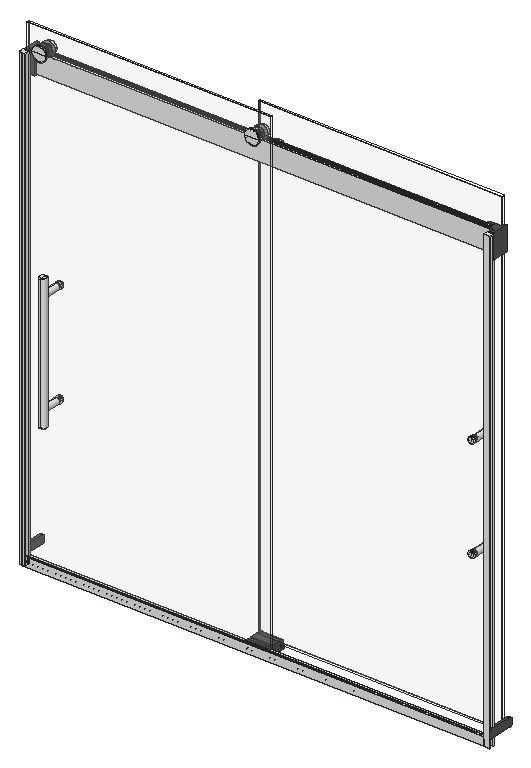
Revit family "Shower-Shower_Door-KOHLER-Levity_Plus-K-702425_1", category Specialty Equipment, host Face, Revit 2022
Family settings
  Host = Face
  Round Connector Dimension = Use Diameter
  Part Type = Normal
  OmniClass Number = 23.31.17.17
  OmniClass Title = Shower Enclosures
  Cut with Voids When Loaded = No
  Maintain Annotation Orientation = No
  Shared = No
  Room Calculation Point = No
Parameters (values of type "SHP-Bright Polished Silver")
  Width [instance] = Walk Thru + 199/256" + 31 81/256"  # 59.61344"
  WaterSense Certified = 1 = 0  # no
  Walk Thru [instance] = 27.51969"
  URL = "https://www.us.kohler.com/us/"
  Type = 1
  Product Page URL = "http://www.us.kohler.com/us/catalog/productDetails.jsp?productId=702425-L"
  Product Name = "Levity Plus"  # constant formula
  Product Documentation Link = "https://www.us.kohler.com/webassets/kpna/catalog/pdf/en/K-702425-L_spec_US-CA_Kohler_en.pdf"
  Model = if(Type = 1, "K-702425-L-SHP", if(Type = 2, "K-702425-L-BNK", if(Type = 3, "K-702425-L-BL", if(Type = 4, "K-702425-L-2MB", "NA"))))  # "K-702425-L-SHP"
  Material = "Premium Metal Construction"  # constant formula
  Master Format 2014 Name = "Shower Doors"  # constant formula
  Master Format 2014 = "10 28 19.16"  # constant formula
  Manufacturer Address = "444 Highland Dr, Kohler, WI 53044"  # constant formula
  Manufacturer = "KOHLER Co."  # constant formula
  Length = 7 11/128"  # constant formula
  Height = 61 147/256"  # constant formula
  Finish = Kohler-Metal-SHP-Bright_Polished_Silver
  Environmental Product Declaration = ""
  Description = "3/8 BATH DOOR 62 X 59 5/8 HANDLE"  # constant formula
  Default Elevation = 4"
  Declare Label = ""
  Date Modified = "03/23/2022"  # constant formula
  Date Created = "03/23/2022"  # constant formula
  Copyright = "Copyright KOHLER Co."  # constant formula
  Contact Us = "https://www.us.kohler.com/us/static/contact.jsp"
  Assembly Code = "C1030200"
  ADA Compliant = 1 = 0  # no
Reference planes (in)
  plane 1 "Center (Front/Back)": y = 0
  plane 2: z = 0
  plane 3 "Center (Left/Right)": x = 0
  plane 4: x = 27.51969
  plane 5: x = 28.29683
  plane 6: x = 27.95637
  plane 7: x = 25.98047
  plane 8: z = 61.57422
  plane 9: z = 58.11024
  plane 10: z = 55.55118
  plane 11: z = 58.7811
  plane 12: x = -1.99865
  plane 13: x = -28.99865
  plane 14: x = -27.24865
  plane 15: z = 34.72441
  plane 16: z = 17.71654
  plane 17: z = 19.6983
  plane 18: z = 32.6983
  plane 19: x = 24.23047
  plane 20: x = -31.3166
  plane 21: x = -0.98122
  plane 22: y = -0.5592
  plane 23: y = 4.42112
  plane 24: y = 3.99592
  plane 25: y = -2.23242
  plane 26: y = -2.66482
Dimensions and locks (in)
  "Walk Thru": plane 4 to plane 3 "Center (Left/Right)"
  "Width": plane 20 to plane 5
  locked: plane 6 to plane 5 at 0.34046
  locked: plane 4 to plane 5 at 0.77715
  locked: plane 7 to plane 5 at 2.31636
  locked: plane 19 to plane 5 at 4.06636
  plane 16 to level = 17.71654"
  plane 15 to plane 16 = 17.00787"
  "Height": plane 8 to level
  "Length": plane 26 to plane 23
  plane 10 to level = 55.55118"
  plane 9 to plane 10 = 2.55906"
  plane 8 to plane 9 = 3.46398"
  aligned and locked: plane 2 to host face
  aligned and locked: level to host face
  aligned and locked: plane 3 "Center (Left/Right)" to nested 1
  aligned and locked: plane 4 to nested 1
Automatic sketch dimensions
  host sketch curve to host sketch curve = 96"  (x2)
Nested families (in)
  nested 1: "K-702425" at (0, -0.5592, 0), type "K-702425"
    with Width 59.61024", Walk Thru 27.51969"
Definition of nested family "K-702425"
  Parameters (values of type "K-702425")
    Width = Walk Thru + 0.77559" + 31.31496"  # 54.9252"
    Walk Thru = 22.83465"
    Material = none
    Default Elevation = 0"
  Reference planes (in)
    plane 1 "Center (Front/Back)": y = 0
    plane 2: z = 0
    plane 3 "Center (Left/Right)": x = 0
    plane 4: z = 61.5748
    plane 5: z = 17.71654
    plane 6: z = 34.72441
    plane 7: x = -31.3134
    plane 8: x = 22.83465
    plane 9: x = 23.61179
    plane 10 "E": x = 19.54543
    plane 11 "B": x = -27.24865
    plane 12: z = 55.55118
    plane 13: z = 58.11024
    plane 14 "A": z = 58.7811
    plane 15: x = -28.99865
    plane 16: x = -1.99865
    plane 17: z = 19.6983
    plane 18: z = 32.6983
    plane 19: y = -1.67323
    plane 20 "C": x = 21.29543
    plane 21 "X": z = 56.63127
    plane 22 "D": x = -5.70516
    plane 23: x = 23.27133
    plane 24: y = 4.98031
    plane 25: y = -2.1063
    plane 26: y = 4.55512
  Forms (in)
    Extrusion 1, solid
      sketch origin (0, 0, 0) x (1, 0, 0) y (0, 1, 0)
        loop
          line (-31.3134, 2.37158) -> (-31.3134, 0.38563)
          arc (-31.3134, 0.38563) -> (-31.30418, 0.36336) -> (-31.28191, 0.35413) r 0.0315
          line (-31.28191, 0.35413) -> (-31.02523, 0.35413)
          arc (-31.02523, 0.35413) -> (-31.00295, 0.36336) -> (-30.99373, 0.38563) r 0.0315
          line (-30.99373, 0.38563) -> (-30.99373, 0.85734)
          arc (-30.99373, 0.85734) -> (-30.9845, 0.87961) -> (-30.96223, 0.88884) r 0.0315
          line (-30.96223, 0.88884) -> (-30.36006, 0.88884)
          arc (-30.36006, 0.88884) -> (-30.33857, 0.89774) -> (-30.32966, 0.91923) r 0.03039
          line (-30.32966, 0.91923) -> (-30.32966, 2.02115) -> (-30.99701, 2.02858) -> (-30.99701, 2.37088)
          arc (-30.99701, 2.37088) -> (-31.00624, 2.39315) -> (-31.02851, 2.40237) r 0.0315
          line (-31.02851, 2.40237) -> (-31.28261, 2.40237)
          arc (-31.28261, 2.40237) -> (-31.30439, 2.39336) -> (-31.3134, 2.37158) r 0.03079
      from 55.35616 to 58.33005
    Extrusion 2, solid, material <- "Material", detail levels medium+fine
      sketch origin (0, 0, 0) x (1, 0, 0) y (0, 1, 0)
        loop
          line (-30.99165, 0.20982) -> (-30.99165, -0.20982) -> (-30.79705, -0.20982) -> (-30.79705, -0.27247) -> (-31.25589, -0.27247) -> (-31.25589, -0.30702) -> (-30.6559, -0.32797)
          arc (-30.6559, -0.32797) -> (-30.58047, -0.29901) -> (-30.5489, -0.22464) r 0.10339
          line (-30.5489, -0.22464) -> (-30.5489, 0.22464)
          arc (-30.5489, 0.22464) -> (-30.58047, 0.29901) -> (-30.6559, 0.32797) r 0.10339
          line (-30.6559, 0.32797) -> (-31.25589, 0.30702) -> (-31.25589, 0.27247) -> (-30.79705, 0.27247) -> (-30.79705, 0.20982) -> (-30.99165, 0.20982)
        loop
          line (-31.3134, 0.20982) -> (-31.12433, 0.20982) -> (-31.12433, 0) -> (-31.12433, -0.20982) -> (-31.3134, -0.20982) -> (-31.3134, -0.25253) -> (-31.08302, -0.25253) -> (-31.08302, 0) -> (-31.08302, 0.25253) -> (-31.3134, 0.25253) -> (-31.3134, 0.20982)
      from 0.08036 to 58.29324
    Extrusion 3, solid, material <- "Material", detail levels medium+fine
      sketch origin (0, 0, 0) x (1, 0, 0) y (0, 1, 0)
        loop
          line (-30.6559, 0.32797) -> (-31.25589, 0.30702) -> (-31.25589, 0.25253) -> (-31.3134, 0.25253) -> (-31.3134, -0.25253) -> (-31.25589, -0.25253) -> (-31.25589, -0.30702) -> (-30.6559, -0.32797)
          arc (-30.6559, -0.32797) -> (-30.58047, -0.29901) -> (-30.5489, -0.22464) r 0.10339
          line (-30.5489, -0.22464) -> (-30.5489, 0.22464)
          arc (-30.5489, 0.22464) -> (-30.58047, 0.29901) -> (-30.6559, 0.32797) r 0.10339
      from 58.36655 to 58.29324
    Extrusion 4, solid
      sketch origin (0, 0, 0) x (0, 1, 0) y (0, 0, 1)
        loop
          line (2.917, 2.13263) -> (-0.20982, 2.13263) -> (-0.20982, 1.05663) -> (2.93672, 1.05663)
          arc (2.93672, 1.05663) -> (3.10579, 1.12666) -> (3.17581, 1.29573) r 0.23909
          line (3.17581, 1.29573) -> (3.17581, 1.87382)
          arc (3.17581, 1.87382) -> (3.10001, 2.05683) -> (2.917, 2.13263) r 0.25882
      from -30.99165 to -31.3134
    Extrusion 5, solid, material <- "Material"
      sketch origin (0, 0, 0) x (0, 1, 0) y (0, 0, 1)
        loop
          arc (0, 0.33997) -> (0.03474, 0.38326) -> (0.08453, 0.35871) r 0.04434
          line (0.08453, 0.35871) -> (0.11423, 0.29502)
          arc (0.11423, 0.29502) -> (0.14686, 0.27839) -> (0.17089, 0.30603) r 0.02975
          line (0.17089, 0.30603) -> (0.20017, 0.86474)
          arc (0.20017, 0.86474) -> (0.19197, 0.88698) -> (0.17019, 0.89634) r 0.03002
          line (0.17019, 0.89634) -> (0.02343, 0.89634)
          arc (0.02343, 0.89634) -> (-0.02199, 0.94176) -> (0.02343, 0.98718) r 0.04542
          line (0.02343, 0.98718) -> (0.19567, 0.98718)
          arc (0.19567, 0.98718) -> (0.19347, 1.02749) -> (0.15814, 1.04703) r 0.04169
          line (0.15814, 1.04703) -> (-0.19878, 1.04703) -> (-0.19878, 0) -> (0.49474, 0) -> (0.49474, 0.07959) -> (0.14319, 0.07959)
          arc (0.14319, 0.07959) -> (0.04194, 0.12153) -> (0, 0.22278) r 0.14319
          line (0, 0.22278) -> (0, 0.33997)
        loop
          line (0.53901, 0.96058) -> (0.10163, 0.96058)
          arc (0.10163, 0.96058) -> (0.08163, 0.94058) -> (0.10163, 0.92059) r 0.01999
          line (0.10163, 0.92059) -> (0.53901, 0.92059)
          arc (0.53901, 0.92059) -> (0.559, 0.94058) -> (0.53901, 0.96058) r 0.01999
      from -30.99165 to 22.83465
    Revolve 6, solid, material <- "Material", detail levels medium+fine
      sketch origin (27, 0, 58.7811) x (0, -1, 0) y (1, 0, 0)
        loop
          line (0.14044, -28.99865) -> (-1.79905, -28.99865) -> (-1.79905, -29.69269) -> (-1.43263, -29.69269) -> (-1.43263, -29.74488)
          arc (-1.43263, -29.74488) -> (-1.24562, -29.80339) -> (-1.05861, -29.74488) r 0.32812
          line (-1.05861, -29.74488) -> (-1.05861, -29.53477) -> (-0.92215, -29.53477) -> (-0.92215, -29.73162) -> (-0.7253, -29.73162) -> (-0.7253, -29.46245) -> (-0.36761, -29.46245) -> (-0.36761, -29.6593) -> (-0.06827, -29.6593) -> (-0.06827, -29.89414) -> (-0.02811, -29.93431) -> (0.09751, -29.93431) -> (0.14044, -29.89138) -> (0.14044, -28.99865)
        axis (0.14044, -28.99865) -> (-1.79905, -28.99865)
      angle from 0 to 360
    Revolve 7, solid, material <- "Material", detail levels medium+fine
      sketch origin (0, 0, 58.7811) x (0, -1, 0) y (1, 0, 0)
        loop
          line (0.14044, -28.99865) -> (-1.79905, -28.99865) -> (-1.79905, -29.69269) -> (-1.43263, -29.69269) -> (-1.43263, -29.74488)
          arc (-1.43263, -29.74488) -> (-1.24562, -29.80339) -> (-1.05861, -29.74488) r 0.32812
          line (-1.05861, -29.74488) -> (-1.05861, -29.53477) -> (-0.92215, -29.53477) -> (-0.92215, -29.73162) -> (-0.7253, -29.73162) -> (-0.7253, -29.46245) -> (-0.36761, -29.46245) -> (-0.36761, -29.6593) -> (-0.06827, -29.6593) -> (-0.06827, -29.89414) -> (-0.02811, -29.93431) -> (0.09751, -29.93431) -> (0.14044, -29.89138) -> (0.14044, -28.99865)
        axis (0.14044, -28.99865) -> (-1.79905, -28.99865)
      angle from 0 to 360
    Extrusion 8, solid, material <- "Material", detail levels medium+fine
      sketch origin (0, 0, 0) x (0, 1, 0) y (0, 0, 1)
        loop
          line (0.97838, 58.11024) -> (0.97838, 55.55118) -> (1.85747, 55.55118)
          arc (1.85747, 55.55118) -> (1.9, 55.5688) -> (1.91761, 55.61132) r 0.06014
          line (1.91761, 55.61132) -> (1.91761, 55.8826)
          arc (1.91761, 55.8826) -> (1.89894, 55.93897) -> (1.85029, 55.97303) r 0.0944
          line (1.85029, 55.97303) -> (1.85029, 55.89596) -> (1.65621, 55.79963) -> (1.38912, 55.92464) -> (1.38912, 57.53182)
          arc (1.38912, 57.53182) -> (1.41101, 57.58465) -> (1.46384, 57.60654) r 0.07472
          line (1.46384, 57.60654) -> (1.84605, 57.60654) -> (1.84605, 57.43287) -> (1.8957, 57.43287)
          arc (1.8957, 57.43287) -> (1.91735, 57.44184) -> (1.92632, 57.46349) r 0.03062
          line (1.92632, 57.46349) -> (1.92632, 58.05604)
          arc (1.92632, 58.05604) -> (1.91044, 58.09436) -> (1.87212, 58.11024) r 0.0542
          line (1.87212, 58.11024) -> (1.69975, 58.11024) -> (1.69975, 58.0262) -> (1.81407, 58.0262)
          arc (1.81407, 58.0262) -> (1.84489, 58.01343) -> (1.85765, 57.98261) r 0.04358
          line (1.85765, 57.98261) -> (1.85765, 57.82935) -> (1.31287, 57.82935) -> (1.31287, 57.89797) -> (1.44737, 57.95785) -> (1.44737, 58.00188)
          arc (1.44737, 58.00188) -> (1.43926, 58.01681) -> (1.42231, 58.01815) r 0.01781
          line (1.42231, 58.01815) -> (1.24538, 57.93937) -> (1.04592, 58.02818) -> (1.04592, 58.09041)
          arc (1.04592, 58.09041) -> (1.04011, 58.10443) -> (1.02609, 58.11024) r 0.01983
          line (1.02609, 58.11024) -> (0.97838, 58.11024)
      from -30.58824 to 22.83465
    Extrusion 9, solid
      sketch origin (0, 0, 58.7811) x (0, -1, 0) y (1, 0, 0)
        loop
          line (-0.712, -0.02757) -> (-0.712, -30.90257) -> (-0.6495, -30.96507) -> (-0.3945, -30.96507) -> (-0.332, -30.90257) -> (-0.332, -0.02757) -> (-0.3945, 0.03493) -> (-0.6495, 0.03493) -> (-0.712, -0.02757)
      from 2.7937 to -58.06096
    Extrusion 10, solid
      sketch origin (0, 0, 0) x (0, 1, 0) y (0, 0, 1)
        loop
          line (2.79395, 0) -> (2.73913, 1.04611)
          arc (2.73913, 1.04611) -> (2.73201, 1.06155) -> (2.71622, 1.06785) r 0.02294
          line (2.71622, 1.06785) -> (2.58256, 1.06785)
          arc (2.58256, 1.06785) -> (2.56781, 1.06181) -> (2.56152, 1.04717) r 0.02105
          line (2.56152, 1.04717) -> (2.54725, 0.22974)
          arc (2.54725, 0.22974) -> (2.52045, 0.16735) -> (2.45761, 0.14164) r 0.08966
          line (2.45761, 0.14164) -> (2.27292, 0.14164)
          arc (2.27292, 0.14164) -> (2.21358, 0.16532) -> (2.18684, 0.22333) r 0.0862
          line (2.18684, 0.22333) -> (2.14487, 1.02412)
          arc (2.14487, 1.02412) -> (2.13055, 1.05518) -> (2.09879, 1.06785) r 0.04614
          line (2.09879, 1.06785) -> (1.06637, 1.06785)
          arc (1.06637, 1.06785) -> (1.03461, 1.05518) -> (1.02029, 1.02412) r 0.04614
          line (1.02029, 1.02412) -> (0.97833, 0.22333)
          arc (0.97833, 0.22333) -> (0.95158, 0.16532) -> (0.89225, 0.14164) r 0.0862
          line (0.89225, 0.14164) -> (0.70755, 0.14164)
          arc (0.70755, 0.14164) -> (0.64471, 0.16735) -> (0.61791, 0.22974) r 0.08966
          line (0.61791, 0.22974) -> (0.60364, 1.04717)
          arc (0.60364, 1.04717) -> (0.59735, 1.06181) -> (0.5826, 1.06785) r 0.02105
          line (0.5826, 1.06785) -> (0.30693, 1.06785) -> (0.30693, 0.16201) -> (0.47604, 0.16201)
          arc (0.47604, 0.16201) -> (0.50033, 0.15195) -> (0.51039, 0.12766) r 0.03435
          line (0.51039, 0.12766) -> (0.51039, 0.08994)
          arc (0.51039, 0.08994) -> (0.52098, 0.06032) -> (0.54793, 0.04411) r 0.04675
          arc (0.54793, 0.04411) -> (0.76846, 0.01105) -> (0.99117, 0) r 2.24921
          line (0.99117, 0) -> (2.79395, 0)
      from -3.12027 to -0.34077
    Revolve 11, solid, material <- "Material"
      sketch origin (-27.24865, 0, -13) x (0, 1, 0) y (0, 0, 1)
        loop
          line (0.4133, 33.0733) -> (-1.49923, 33.0733) -> (-1.49923, 32.6983) -> (1.02083, 32.6983) -> (1.02083, 33.06515)
          arc (1.02083, 33.06515) -> (1.01123, 33.08831) -> (0.98807, 33.0979) r 0.03275
          line (0.98807, 33.0979) -> (0.79735, 33.0979)
          arc (0.79735, 33.0979) -> (0.7725, 33.08761) -> (0.76221, 33.06276) r 0.03514
          line (0.76221, 33.06276) -> (0.76221, 32.9483) -> (0.4133, 32.9483) -> (0.4133, 33.0733)
        axis (1.02083, 32.6983) -> (-1.49923, 32.6983)
      angle from 0 to 360
    Revolve 12, solid, material <- "Material", detail levels medium+fine
      sketch origin (-27.24865, 0, 0) x (0, 1, 0) y (0, 0, 1)
        loop
          line (-1.67323, 34.72441) -> (-2.06173, 34.72441) -> (-2.11686, 34.66927) -> (-2.11686, 17.76647) -> (-2.06693, 17.71654) -> (-1.67323, 17.71654) -> (-1.67323, 34.72441)
        axis (-1.67323, 17.71654) -> (-1.67323, 34.72441)
      angle from 0 to 360
    Revolve 13, solid, material <- "Material"
      sketch origin (-5.70516, 0, 0) x (0, 0, -1) y (0, -1, 0)
        loop
          line (-57.57086, -2.99093) -> (-57.53008, -3.03171) -> (-56.63127, -3.03171) -> (-56.63127, -1.91129) -> (-57.36736, -1.91129) -> (-57.36736, -2.16793) -> (-57.23745, -2.16793) -> (-57.23745, -2.52933) -> (-57.29546, -2.52933) -> (-57.29546, -2.82297) -> (-57.52921, -2.82297) -> (-57.57086, -2.86461) -> (-57.57086, -2.99093)
        axis (-56.63127, -1.91129) -> (-56.63127, -3.03171)
      angle from 0 to 360
    Revolve 14, solid, material <- "Material"
      sketch origin (21.29543, 0, 0) x (0, 0, -1) y (0, -1, 0)
        loop
          line (-57.57086, -2.99093) -> (-57.53008, -3.03171) -> (-56.63127, -3.03171) -> (-56.63127, -1.91129) -> (-57.36736, -1.91129) -> (-57.36736, -2.16793) -> (-57.23745, -2.16793) -> (-57.23745, -2.52933) -> (-57.29546, -2.52933) -> (-57.29546, -2.82297) -> (-57.52921, -2.82297) -> (-57.57086, -2.86461) -> (-57.57086, -2.99093)
        axis (-56.63127, -1.91129) -> (-56.63127, -3.03171)
      angle from 0 to 360
    Revolve 15, solid, material <- "Material", detail levels medium+fine
      sketch origin (19.54543, -0.02461, 0) x (0, 0, 1) y (0, -1, 0)
        loop
          line (33.0733, -2.50574) -> (32.9483, -2.50574) -> (32.9483, -2.15684) -> (33.06276, -2.15684)
          arc (33.06276, -2.15684) -> (33.08761, -2.14654) -> (33.0979, -2.1217) r 0.03514
          line (33.0979, -2.1217) -> (33.0979, -1.93098)
          arc (33.0979, -1.93098) -> (33.08831, -1.90781) -> (33.06515, -1.89822) r 0.03275
          line (33.06515, -1.89822) -> (32.6983, -1.89822) -> (32.6983, -4.50988) -> (33.0733, -4.50988) -> (33.0733, -2.50574)
        axis (32.6983, -1.89822) -> (32.6983, -4.50988)
      angle from 0 to 360
    Revolve 16, solid, material <- "Material", detail levels medium+fine
      sketch origin (19.54543, -0.02461, -13) x (0, 0, 1) y (0, -1, 0)
        loop
          line (33.0733, -2.50454) -> (32.9483, -2.50454) -> (32.9483, -2.15684) -> (33.06276, -2.15684)
          arc (33.06276, -2.15684) -> (33.08761, -2.14654) -> (33.0979, -2.1217) r 0.03514
          line (33.0979, -2.1217) -> (33.0979, -1.93098)
          arc (33.0979, -1.93098) -> (33.08831, -1.90781) -> (33.06515, -1.89822) r 0.03275
          line (33.06515, -1.89822) -> (32.6983, -1.89822) -> (32.6983, -4.50988) -> (33.0733, -4.50988) -> (33.0733, -2.50454)
        axis (32.6983, -1.89822) -> (32.6983, -4.50988)
      angle from 0 to 360
    Revolve 17, solid, material <- "Material", detail levels medium+fine
      sketch origin (19.54543, 0, 0) x (0, 0, 1) y (0, -1, 0)
        loop
          line (34.72441, -4.55512) -> (17.71654, -4.55512) -> (17.71654, -4.94882) -> (17.7477, -4.97999) -> (34.68804, -4.97999) -> (34.72441, -4.94362) -> (34.72441, -4.55512)
        axis (17.71654, -4.55512) -> (34.72441, -4.55512)
      angle from 0 to 360
    Extrusion 18, solid
      sketch origin (0, 0, 58.7811) x (0, -1, 0) y (1, 0, 0)
        loop
          line (-2.40428, 23.61179) -> (-2.40428, 23.41034)
          arc (-2.40428, 23.41034) -> (-2.37444, 23.3383) -> (-2.30241, 23.30846) r 0.10187
          line (-2.30241, 23.30846) -> (-2.09932, 23.30846)
          arc (-2.09932, 23.30846) -> (-2.03657, 23.28247) -> (-2.01058, 23.21972) r 0.08874
          line (-2.01058, 23.21972) -> (-2.01058, 22.68355)
          arc (-2.01058, 22.68355) -> (-1.99255, 22.64001) -> (-1.949, 22.62197) r 0.06158
          line (-1.949, 22.62197) -> (-0.96774, 22.62197)
          arc (-0.96774, 22.62197) -> (-0.9202, 22.64166) -> (-0.90051, 22.6892) r 0.06723
          line (-0.90051, 22.6892) -> (-0.90051, 23.19912)
          arc (-0.90051, 23.19912) -> (-0.8829, 23.24164) -> (-0.84038, 23.25925) r 0.06013
          line (-0.84038, 23.25925) -> (-0.37453, 23.25925)
          arc (-0.37453, 23.25925) -> (-0.34132, 23.273) -> (-0.32756, 23.30621) r 0.04697
          line (-0.32756, 23.30621) -> (-0.32756, 23.61179) -> (-2.40428, 23.61179)
      from -0.4295 to -3.42639
    Extrusion 19, solid
      sketch origin (0, 0, 0) x (0, 1, 0) y (0, 0, -1)
        loop
          arc (2.917, -2.13263) -> (3.10001, -2.05683) -> (3.17581, -1.87382) r 0.25882
          line (3.17581, -1.87382) -> (3.17581, -1.29573)
          arc (3.17581, -1.29573) -> (3.10579, -1.12666) -> (2.93672, -1.05663) r 0.23909
          line (2.93672, -1.05663) -> (-0.23901, -1.05663) -> (-0.23901, -2.13263) -> (2.917, -2.13263)
      from -23.27133 to -23.61179
    Extrusion 20, solid, material <- "Material"
      sketch origin (0, 0, 58.7811) x (0, -1, 0) y (1, 0, 0)
        loop
          line (-0.32756, 22.83465) -> (0.31775, 22.83465) -> (0.31775, 23.61179) -> (0.23901, 23.61179) -> (0.23901, 22.91339) -> (-0.24882, 22.91339) -> (-0.24882, 23.61179) -> (-0.32756, 23.61179) -> (-0.32756, 22.83465)
      from -58.70152 to -0.5382
    Extrusion 21, solid, material <- "Material"
      sketch origin (0, 0, 0) x (1, 0, 0) y (0, 1, 0)
        loop
          line (23.61179, 0.32756) -> (22.83465, 0.32756) -> (22.83465, -0.31775) -> (23.61179, -0.31775) -> (23.61179, 0.32756)
      from 58.2429 to 58.11024
    Extrusion 22, solid
      sketch origin (0, 0, 58.7811) x (0, -1, 0) y (1, 0, 0)
        loop
          line (-2.19881, 23.27133) -> (-2.49044, 23.27133) -> (-2.53463, 23.22715) -> (-2.53463, -7.64785) -> (-2.47213, -7.71035) -> (-2.21713, -7.71035) -> (-2.15463, -7.64785) -> (-2.15463, 23.22715) -> (-2.19881, 23.27133)
      from -58.07652 to 2.7937
    Revolve 23, solid, material <- "Material"
      sketch origin (-27.24865, 0, 0) x (0, 1, 0) y (0, 0, 1)
        loop
          line (0.4133, 33.0733) -> (-1.49923, 33.0733) -> (-1.49923, 32.6983) -> (1.02083, 32.6983) -> (1.02083, 33.06515)
          arc (1.02083, 33.06515) -> (1.01123, 33.08831) -> (0.98807, 33.0979) r 0.03275
          line (0.98807, 33.0979) -> (0.79735, 33.0979)
          arc (0.79735, 33.0979) -> (0.7725, 33.08761) -> (0.76221, 33.06276) r 0.03514
          line (0.76221, 33.06276) -> (0.76221, 32.9483) -> (0.4133, 32.9483) -> (0.4133, 33.0733)
        axis (1.02083, 32.6983) -> (-1.49923, 32.6983)
      angle from 0 to 360
    Extrusion 24, solid, material <- "Material", detail levels coarse
      sketch origin (0, 0, 58.7811) x (0, -1, 0) y (1, 0, 0)
        loop
          line (-0.32797, -30.5489) -> (-0.32797, -31.3134) -> (0.32797, -31.3134) -> (0.32797, -30.5489) -> (-0.32797, -30.5489)
      from -58.7811 to -0.45105
    Revolve 25, solid, material <- "Material", detail levels coarse
      sketch origin (0, 0, 58.7811) x (0, -1, 0) y (1, 0, 0)
        loop
          line (0.14044, -28.99865) -> (-1.79905, -28.99865) -> (-1.79905, -29.69269) -> (-1.43263, -29.69269) -> (-1.43263, -29.74488) -> (-1.05861, -29.74488) -> (-1.05861, -29.53477) -> (-0.92215, -29.53477) -> (-0.92215, -29.73162) -> (-0.7253, -29.73162) -> (-0.7253, -29.6593) -> (-0.06827, -29.6593) -> (-0.06827, -29.93431) -> (0.14044, -29.93431) -> (0.14044, -28.99865)
        axis (-1.79905, -28.99865) -> (0.14044, -28.99865)
      angle from 0 to 360
    Revolve 26, solid, material <- "Material", detail levels coarse
      sketch origin (27, 0, 58.7811) x (0, -1, 0) y (1, 0, 0)
        loop
          line (0.14044, -28.99865) -> (-1.79905, -28.99865) -> (-1.79905, -29.69269) -> (-1.43263, -29.69269) -> (-1.43263, -29.74488) -> (-1.05861, -29.74488) -> (-1.05861, -29.53477) -> (-0.92215, -29.53477) -> (-0.92215, -29.73162) -> (-0.7253, -29.73162) -> (-0.7253, -29.6593) -> (-0.06827, -29.6593) -> (-0.06827, -29.93431) -> (0.14044, -29.93431) -> (0.14044, -28.99865)
        axis (-1.79905, -28.99865) -> (0.14044, -28.99865)
      angle from 0 to 360
    Extrusion 27, solid, material <- "Material", detail levels coarse
      sketch origin (0, 0, 0) x (1, 0, 0) y (0, 0, 1)
        loop
          circle (-27.24865, 32.6983) r 0.3937
        loop
          circle (-27.24865, 19.6983) r 0.3937
      from -1.02039 to 1.5837
    Extrusion 28, solid, material <- "Material", detail levels coarse
      sketch origin (0, 0, 58.7811) x (0, -1, 0) y (1, 0, 0)
        loop
          circle (1.67323, -27.24865) r 0.44363
      from -24.05669 to -41.06457
    Revolve 29, solid, material <- "Material", detail levels coarse
      sketch origin (19.54543, 0, 0) x (0, 0, 1) y (0, -1, 0)
        loop
          line (32.6983, -1.87284) -> (32.6983, -4.47693) -> (33.0733, -4.47693) -> (33.0733, -1.87284) -> (32.6983, -1.87284)
        axis (32.6983, -1.87284) -> (32.6983, -4.47693)
      angle from 0 to 360
    Revolve 30, solid, material <- "Material", detail levels coarse
      sketch origin (19.54543, 0, 0) x (0, 0, 1) y (0, -1, 0)
        loop
          line (19.6983, -1.87284) -> (19.6983, -4.47693) -> (20.0733, -4.47693) -> (20.0733, -1.87284) -> (19.6983, -1.87284)
        axis (19.6983, -1.87284) -> (19.6983, -4.47693)
      angle from 0 to 360
    Extrusion 31, solid, material <- "Material", detail levels coarse
      sketch origin (0, 0, 0) x (0, 1, 0) y (0, 0, 1)
        loop
          line (0.97838, 58.11024) -> (0.97838, 55.55118) -> (1.92632, 55.55118) -> (1.92632, 58.11024) -> (0.97838, 58.11024)
      from -30.5489 to 22.83465
    Revolve 32, solid, material <- "Material", detail levels coarse
      sketch origin (19.54543, 0, 0) x (0, 0, 1) y (0, -1, 0)
        loop
          line (34.72441, -4.97999) -> (34.72441, -4.55512) -> (17.71654, -4.55512) -> (17.71654, -4.97999) -> (34.72441, -4.97999)
        axis (17.71654, -4.55512) -> (34.72441, -4.55512)
      angle from 0 to 360
  Cuts and joins
    joined: Extrusion 2, Extrusion 3
    joined: Extrusion 20, Extrusion 21
  Lines and regions (in)
    Masking region 1
      outline origin (21.29543, 0, 0) x (0, 0, -1) y (0, -1, 0)
        loop
          line (-61.5748, -0.332) -> (-61.5748, -0.7253) -> (-59.51407, -0.7253) -> (-59.51407, -0.92215) -> (-59.31722, -0.92215) -> (-59.31722, -1.05861) -> (-59.52733, -1.05861)
          arc (-59.52733, -1.05861) -> (-59.58927, -1.24562) -> (-59.52733, -1.43263) r 0.31327
          line (-59.52733, -1.43263) -> (-59.47514, -1.43263) -> (-59.47514, -1.79905) -> (-58.33005, -1.79905) -> (-58.33005, -2.15463) -> (-61.5748, -2.15463) -> (-61.5748, -2.53463) -> (-57.29546, -2.53463) -> (-57.29546, -2.82297) -> (-57.52921, -2.82297) -> (-57.57086, -2.86461) -> (-57.57086, -2.99093) -> (-57.53008, -3.03171) -> (-55.73246, -3.03171) -> (-55.69168, -2.99093) -> (-55.69168, -2.86461) -> (-55.73333, -2.82297) -> (-55.96708, -2.82297) -> (-55.96708, -2.53463) -> (-33.0733, -2.53463) -> (-33.0733, -4.13058) -> (-34.68804, -4.13058) -> (-34.72441, -4.16695) -> (-34.72441, -4.94394) -> (-34.68804, -4.98031) -> (-17.7477, -4.98031) -> (-17.71654, -4.94915) -> (-17.71654, -4.16174) -> (-17.7477, -4.13058) -> (-19.3233, -4.13058) -> (-19.3233, -2.53463) -> (-2.13263, -2.53463) -> (-2.13263, -2.917)
          arc (-2.13263, -2.917) -> (-2.05683, -3.10001) -> (-1.87382, -3.17581) r 0.25882
          line (-1.87382, -3.17581) -> (-1.29573, -3.17581)
          arc (-1.29573, -3.17581) -> (-1.12666, -3.10579) -> (-1.05663, -2.93672) r 0.23909
          line (-1.05663, -2.93672) -> (-1.05663, -2.73858) -> (0, -2.79395) -> (0, -0.99117)
          arc (0, -0.99117) -> (-0.01105, -0.76846) -> (-0.04411, -0.54793) r 2.24921
          arc (-0.04411, -0.54793) -> (-0.06032, -0.52098) -> (-0.08994, -0.51039) r 0.04675
          line (-0.08994, -0.51039) -> (-0.12766, -0.51039)
          arc (-0.12766, -0.51039) -> (-0.15195, -0.50033) -> (-0.16201, -0.47604) r 0.03435
          line (-0.16201, -0.47604) -> (-0.16201, -0.32756) -> (-0.07959, -0.32756) -> (-0.07959, -0.49474) -> (0, -0.49474) -> (0, 0.19878) -> (-0.08036, 0.19878) -> (-0.08036, 0.32803) -> (-19.3233, 0.32803) -> (-19.3233, 1.22959) -> (-17.76647, 1.22959) -> (-17.71654, 1.27953) -> (-17.71654, 2.06693) -> (-17.75591, 2.1063) -> (-34.67984, 2.1063) -> (-34.72441, 2.06173) -> (-34.72441, 1.28473) -> (-34.66927, 1.22959) -> (-33.0733, 1.22959) -> (-33.0733, 0.32803) -> (-58.36655, 0.32803) -> (-58.36655, 0.14044) -> (-59.67383, 0.14044) -> (-59.7168, 0.09747) -> (-59.7168, -0.02728) -> (-59.67581, -0.06827) -> (-59.44175, -0.06827) -> (-59.44175, -0.332) -> (-61.5748, -0.332)
        loop
          line (-1.05663, -0.7253) -> (-1.05663, -1.03622)
          arc (-1.05663, -1.03622) -> (-1.04201, -1.02494) -> (-1.02412, -1.02029) r 0.04614
          line (-1.02412, -1.02029) -> (-0.22333, -0.97833)
          arc (-0.22333, -0.97833) -> (-0.16532, -0.95158) -> (-0.14164, -0.89225) r 0.0862
          line (-0.14164, -0.89225) -> (-0.14164, -0.70755)
          arc (-0.14164, -0.70755) -> (-0.16735, -0.64471) -> (-0.22974, -0.61791) r 0.08966
          line (-0.22974, -0.61791) -> (-0.72015, -0.60935) -> (-0.72015, -0.7253) -> (-1.05663, -0.7253)
        loop
          line (-20.0733, 0.32803) -> (-20.0733, 1.22959) -> (-32.3233, 1.22959) -> (-32.3233, 0.32803) -> (-20.0733, 0.32803)
        loop
          arc (-0.22974, -2.54725) -> (-0.16735, -2.52045) -> (-0.14164, -2.45761) r 0.08966
          line (-0.14164, -2.45761) -> (-0.14164, -2.27292)
          arc (-0.14164, -2.27292) -> (-0.16532, -2.21358) -> (-0.22333, -2.18684) r 0.0862
          line (-0.22333, -2.18684) -> (-0.70459, -2.16162) -> (-0.70459, -2.53463) -> (-1.02957, -2.53463) -> (-1.05663, -2.56169) -> (-0.22974, -2.54725)
        loop
          line (-2.13263, -0.7253) -> (-19.4488, -0.7253) -> (-19.4488, -0.76221) -> (-19.33322, -0.76221)
          arc (-19.33322, -0.76221) -> (-19.30919, -0.77217) -> (-19.29923, -0.7962) r 0.03399
          line (-19.29923, -0.7962) -> (-19.29923, -0.98906)
          arc (-19.29923, -0.98906) -> (-19.30841, -1.01121) -> (-19.33056, -1.02039) r 0.03133
          line (-19.33056, -1.02039) -> (-19.6983, -1.02039) -> (-20.06604, -1.02039)
          arc (-20.06604, -1.02039) -> (-20.08819, -1.01121) -> (-20.09737, -0.98906) r 0.03133
          line (-20.09737, -0.98906) -> (-20.09737, -0.7962)
          arc (-20.09737, -0.7962) -> (-20.08741, -0.77217) -> (-20.06338, -0.76221) r 0.03399
          line (-20.06338, -0.76221) -> (-19.9478, -0.76221) -> (-19.9478, -0.7253) -> (-32.4488, -0.7253) -> (-32.4488, -0.76221) -> (-32.33322, -0.76221)
          arc (-32.33322, -0.76221) -> (-32.30919, -0.77217) -> (-32.29923, -0.7962) r 0.03399
          line (-32.29923, -0.7962) -> (-32.29923, -0.98906)
          arc (-32.29923, -0.98906) -> (-32.30841, -1.01121) -> (-32.33056, -1.02039) r 0.03133
          line (-32.33056, -1.02039) -> (-32.6983, -1.02039) -> (-33.06604, -1.02039)
          arc (-33.06604, -1.02039) -> (-33.08819, -1.01121) -> (-33.09737, -0.98906) r 0.03133
          line (-33.09737, -0.98906) -> (-33.09737, -0.7962)
          arc (-33.09737, -0.7962) -> (-33.08741, -0.77217) -> (-33.06338, -0.76221) r 0.03399
          line (-33.06338, -0.76221) -> (-32.9478, -0.76221) -> (-32.9478, -0.7253) -> (-55.35616, -0.7253) -> (-55.35616, -2.15463) -> (-33.06338, -2.15463)
          arc (-33.06338, -2.15463) -> (-33.08741, -2.14467) -> (-33.09737, -2.12064) r 0.03399
          line (-33.09737, -2.12064) -> (-33.09737, -1.90418)
          arc (-33.09737, -1.90418) -> (-33.08819, -1.88202) -> (-33.06604, -1.87284) r 0.03133
          line (-33.06604, -1.87284) -> (-32.6983, -1.87284) -> (-32.33056, -1.87284)
          arc (-32.33056, -1.87284) -> (-32.30841, -1.88202) -> (-32.29923, -1.90418) r 0.03133
          line (-32.29923, -1.90418) -> (-32.29923, -2.12064)
          arc (-32.29923, -2.12064) -> (-32.30919, -2.14467) -> (-32.33322, -2.15463) r 0.03399
          line (-32.33322, -2.15463) -> (-20.06338, -2.15463)
          arc (-20.06338, -2.15463) -> (-20.08741, -2.14467) -> (-20.09737, -2.12064) r 0.03399
          line (-20.09737, -2.12064) -> (-20.09737, -1.90418)
          arc (-20.09737, -1.90418) -> (-20.08819, -1.88202) -> (-20.06604, -1.87284) r 0.03133
          line (-20.06604, -1.87284) -> (-19.6983, -1.87284) -> (-19.33056, -1.87284)
          arc (-19.33056, -1.87284) -> (-19.30841, -1.88202) -> (-19.29923, -1.90418) r 0.03133
          line (-19.29923, -1.90418) -> (-19.29923, -2.12064)
          arc (-19.29923, -2.12064) -> (-19.30919, -2.14467) -> (-19.33322, -2.15463) r 0.03399
          line (-19.33322, -2.15463) -> (-2.13263, -2.15463) -> (-2.13263, -0.7253)
        loop
          line (-20.0733, -4.13058) -> (-20.0733, -2.53463) -> (-32.3233, -2.53463) -> (-32.3233, -4.13058) -> (-20.0733, -4.13058)
    Masking region 2
      outline origin (0, 0, 0) x (1, 0, 0) y (0, 0, 1)
        loop
          line (-30.99192, 61.5748) -> (-30.99192, 58.36655) -> (-31.3134, 58.36655) -> (-31.3134, 0.08036) -> (-30.99165, 0.08036) -> (-30.99165, 0) -> (22.83465, 0) -> (22.83465, 0.07959) -> (23.61179, 0.07959) -> (23.61179, 58.35161) -> (23.27133, 58.35161) -> (23.27133, 61.5748) -> (-30.99192, 61.5748)
    Masking region 3
      outline origin (0, 0, 0) x (1, 0, 0) y (0, 1, 0)
        loop
          line (-31.3134, 3.17581) -> (-31.3134, -0.32797) -> (-30.5489, -0.32797) -> (-30.5489, -0.19878) -> (-27.62342, -0.19878) -> (-27.62342, -1.43582)
          arc (-27.62342, -1.43582) -> (-27.24865, -2.11686) -> (-26.87389, -1.43582) r 0.44363
          line (-26.87389, -1.43582) -> (-26.87389, -0.19878) -> (22.83465, -0.19878) -> (22.83465, -0.31775) -> (23.61179, -0.31775) -> (23.61179, 3.17581) -> (23.27133, 3.17581) -> (23.27133, 2.02713)
          arc (23.27133, 2.02713) -> (23.24682, 2.01482) -> (23.21972, 2.01058) r 0.08874
          line (23.21972, 2.01058) -> (22.68355, 2.01058)
          arc (22.68355, 2.01058) -> (22.63266, 1.98368) -> (22.62624, 1.92648) r 0.06158
          line (22.62624, 1.92648) -> (-0.34077, 1.92648) -> (-0.34077, 2.79395) -> (-3.12027, 2.79395) -> (-3.12027, 1.92648) -> (-30.32966, 1.92648) -> (-30.32966, 2.02115) -> (-30.99165, 2.02852) -> (-30.99165, 3.17581) -> (-31.3134, 3.17581)
        loop
          line (-30.36006, 0.88884) -> (-30.96198, 0.88884)
          arc (-30.96198, 0.88884) -> (-30.98312, 0.88008) -> (-30.99187, 0.85894) r 0.0299
          line (-30.99187, 0.85894) -> (-30.99187, 0.58555) -> (-30.96507, 0.55875) -> (-30.96507, 0.6495) -> (-30.90257, 0.712) -> (-29.73162, 0.712) -> (-29.73162, 0.92215) -> (-29.53477, 0.92215) -> (-29.53477, 0.97838) -> (-30.32966, 0.97838) -> (-30.32966, 0.91923)
          arc (-30.32966, 0.91923) -> (-30.33857, 0.89774) -> (-30.36006, 0.88884) r 0.03039
        loop
          line (-28.26569, 0.92215) -> (-28.26569, 0.712) -> (-27.49865, 0.712) -> (-27.49865, 0.76221) -> (-27.61099, 0.76221)
          arc (-27.61099, 0.76221) -> (-27.63752, 0.7732) -> (-27.64851, 0.79973) r 0.03752
          line (-27.64851, 0.79973) -> (-27.64851, 0.97838) -> (-28.46254, 0.97838) -> (-28.46254, 0.92215) -> (-28.26569, 0.92215)
        loop
          line (-3.12027, 0.97838) -> (-26.8488, 0.97838) -> (-26.8488, 0.79973)
          arc (-26.8488, 0.79973) -> (-26.85979, 0.7732) -> (-26.88632, 0.76221) r 0.03752
          line (-26.88632, 0.76221) -> (-26.99865, 0.76221) -> (-26.99865, 0.712) -> (-3.12027, 0.712) -> (-3.12027, 0.97838)
        loop
          line (22.62281, 0.97838) -> (-0.34077, 0.97838) -> (-0.34077, 0.712) -> (-0.02757, 0.712) -> (0.03493, 0.6495) -> (0.03493, 0.5592) -> (22.83465, 0.5592) -> (22.83465, 0.32756) -> (23.30621, 0.32756)
          arc (23.30621, 0.32756) -> (23.273, 0.34132) -> (23.25925, 0.37453) r 0.04697
          line (23.25925, 0.37453) -> (23.25925, 0.84038)
          arc (23.25925, 0.84038) -> (23.24164, 0.8829) -> (23.19912, 0.90051) r 0.06013
          line (23.19912, 0.90051) -> (22.6892, 0.90051)
          arc (22.6892, 0.90051) -> (22.63804, 0.92412) -> (22.62281, 0.97838) r 0.06723
    Masking region 4
      outline origin (0, 0, 58.7811) x (0, -1, 0) y (1, 0, 0)
        loop
          line (-3.03171, -6.60397) -> (-2.99102, -6.64466) -> (-2.86452, -6.64466) -> (-2.82297, -6.60311) -> (-2.82297, -6.36936) -> (-2.53463, -6.36936) -> (-2.53463, -7.64785) -> (-2.47213, -7.71035) -> (-2.21713, -7.71035) -> (-2.15463, -7.64785) -> (-2.15463, -6.44126) -> (-1.92667, -6.44126) -> (-1.92667, -5.70516) -> (-1.92667, -4.96907) -> (-2.15463, -4.96907) -> (-2.15463, 19.14655) -> (-1.92738, 19.14655) -> (-1.92738, 19.54543) -> (-1.92738, 19.94432) -> (-2.15463, 19.94432) -> (-2.15463, 20.55934) -> (-1.92738, 20.55934) -> (-1.92738, 22.03152) -> (-2.15463, 22.03152) -> (-2.15463, 23.22715) -> (-2.19881, 23.27133) -> (-2.49044, 23.27133) -> (-2.53463, 23.22715) -> (-2.53463, 21.95963) -> (-2.82297, 21.95963) -> (-2.82297, 22.19338) -> (-2.86527, 22.23568) -> (-2.99027, 22.23568) -> (-3.03171, 22.19424) -> (-3.03171, 21.29543) -> (-3.03171, 20.39663) -> (-2.99027, 20.35518) -> (-2.86527, 20.35518) -> (-2.82297, 20.39749) -> (-2.82297, 20.63124) -> (-2.53463, 20.63124) -> (-2.53463, 19.91997) -> (-4.35487, 19.91997)
          arc (-4.35487, 19.91997) -> (-4.77373, 19.90994) -> (-4.98031, 19.54543) r 0.42487
          arc (-4.98031, 19.54543) -> (-4.77373, 19.18092) -> (-4.35487, 19.17089) r 0.42487
          line (-4.35487, 19.17089) -> (-2.53463, 19.17089) -> (-2.53463, -5.04097) -> (-2.82297, -5.04097) -> (-2.82297, -4.80722) -> (-2.86452, -4.76567) -> (-2.99102, -4.76567) -> (-3.03171, -4.80636) -> (-3.03171, -5.70516) -> (-3.03171, -6.60397)
    symbolic lines, detail levels medium+fine
      curve 1: line (21.29543, 1.79905, 58.33005) -> (21.29543, 0.4133, 58.33005)
      curve 2: line (21.29543, 1.43263, 59.47514) -> (21.29543, 1.43263, 58.33005)
      curve 3: line (21.29543, 1.05861, 59.31722) -> (21.29543, 1.05861, 58.33005)
      curve 4: line (21.29543, 0.92215, 59.31722) -> (21.29543, 0.92215, 58.33005)
      curve 5: line (21.29543, 0.7253, 59.51407) -> (21.29543, 0.7253, 58.33005)
      curve 6: line (21.29543, -0.20325, 58.36655) -> (21.29543, 0.32756, 58.36655)
      curve 7: line (21.29543, 0.06827, 59.44175) -> (21.29543, 0.06827, 58.36655)
      curve 8: line (21.29543, -0.09747, 59.7168) -> (21.29543, -0.09747, 58.36655)
      curve 9: line (21.29543, 0.02728, 59.7168) -> (21.29543, 0.02728, 58.36655)
      curve 10: line (21.29543, 2.00867, 55.35616) -> (21.29543, 2.40237, 55.35616)
      curve 11: line (21.29543, 2.40237, 55.35616) -> (21.29543, 2.40237, 58.33005)
      curve 12: line (21.29543, 2.82297, 55.96708) -> (21.29543, 2.82297, 57.29546)
      curve 13: line (21.29543, 2.86461, 55.69168) -> (21.29543, 2.86461, 57.57086)
      curve 14: line (21.29543, 2.99093, 57.57086) -> (21.29543, 2.99093, 55.69168)
      curve 15: line (21.29543, 2.12957, 58.33005) -> (21.29543, 2.40237, 58.33005)
      curve 16: line (21.29543, 0.7253, 55.35616) -> (21.29543, 0.32756, 55.35616)
      curve 17: line (21.29543, 0.32756, 55.35616) -> (21.29543, 0.32756, 58.36655)
      curve 18: line (21.29543, 0.4133, 58.33005) -> (21.29543, 0.35413, 58.33005)
      curve 19: line (21.29543, 0.35413, 58.33005) -> (21.29543, 0.35413, 55.35616)
      curve 20: line (21.29543, -0.20982, 58.29324) -> (21.29543, -0.20982, 0.08036)
      curve 21: line (21.29543, 0.27247, 58.29324) -> (21.29543, -0.27247, 58.29324)
      curve 22: line (21.29543, 0.20982, 0.08036) -> (21.29543, 0.20982, 58.29324)
      curve 23: line (21.29543, 0.27247, 0.08036) -> (21.29543, 0.27247, 58.29324)
      curve 24: line (21.29543, -0.27247, 58.29324) -> (21.29543, -0.27247, 0.08036)
      curve 25: line (21.29543, -0.32803, 33.0733) -> (21.29543, -0.32803, 32.3233)
      curve 26: line (21.29543, 0.76221, 32.9478) -> (21.29543, 0.76221, 32.4488)
      curve 27: line (21.29543, 0.7253, 32.9478) -> (21.29543, 0.7253, 32.4488)
      curve 28: line (21.29543, 0.32756, 2.13263) -> (21.29543, 0.32756, 55.35616)
      curve 29: arc (21.29543, -1.22959, 33.0733) -> (21.29543, -1.40872, 32.6983) -> (21.29543, -1.22959, 32.3233) r 0.4821
      curve 30: line (21.29543, 0.76221, 19.4488) -> (21.29543, 0.76221, 19.9478)
      curve 31: line (21.29543, 0.7253, 19.9478) -> (21.29543, 0.7253, 19.4488)
      curve 32: line (21.29543, -0.32803, 20.0733) -> (21.29543, -0.32803, 19.3233)
      curve 33: arc (21.29543, -1.22959, 20.0733) -> (21.29543, -1.39739, 19.6983) -> (21.29543, -1.22959, 19.3233) r 0.50293
      curve 34: line (21.29543, -1.22959, 17.76647) -> (21.29543, -2.1063, 17.76647)
      curve 35: line (21.29543, -1.22959, 34.66927) -> (21.29543, -2.1063, 34.66927)
      curve 36: line (21.29543, 4.98031, 34.68804) -> (21.29543, 4.13058, 34.68804)
      curve 37: arc (21.29543, 4.13058, 32.3233) -> (21.29543, 4.30628, 32.6983) -> (21.29543, 4.13058, 33.0733) r 0.48802
      curve 38: line (21.29543, 4.98031, 17.7477) -> (21.29543, 4.13058, 17.7477)
      curve 39: arc (21.29543, 4.13058, 19.3233) -> (21.29543, 4.31063, 19.6983) -> (21.29543, 4.13058, 20.0733) r 0.48053
      curve 40: line (21.29543, 2.73858, 1.05663) -> (21.29543, 2.56169, 1.05663)
      curve 41: line (21.29543, 2.56169, 1.05663) -> (21.29543, 1.03622, 1.05663)
      curve 42: line (21.29543, 2.16162, 0.70459) -> (21.29543, 2.16162, 1.05663)
      curve 43: line (21.29543, 0.60935, 0.72015) -> (21.29543, 0.30693, 0.72015)
      curve 44: line (21.29543, -0.20982, 0.08036) -> (21.29543, 0.32803, 0.08036)
      curve 45: line (21.29543, 2.53463, 2.13263) -> (21.29543, 2.05975, 2.13263)
      curve 46: line (21.29543, 0.7253, 2.13263) -> (21.29543, 0.27247, 2.13263)
      curve 47: line (21.29543, 0.7253, 1.05663) -> (21.29543, 0.27247, 1.05663)
      curve 48: line (21.29543, 0.30693, 1.05663) -> (21.29543, 0.30693, 0.08036)
      curve 49: line (-30.99192, 0, 58.36655) -> (-30.5489, 0, 58.36655)
      curve 50: line (-30.5489, 0, 58.36655) -> (-30.5489, 0, 0.08036)
      curve 51: line (-30.99165, 0, 0.08036) -> (-30.5489, 0, 0.08036)
      curve 52: line (-30.5489, 0, 1.04703) -> (22.83465, 0, 1.04703)
      curve 53: circle (-28.99865, 0, 58.7811) r 0.93903 normal (0, -1, 0)
      curve 54: circle (-28.99865, 0, 58.7811) r 0.89273 normal (0, -1, 0)
      curve 55: circle (-1.99865, 0, 58.7811) r 0.93903 normal (0, -1, 0)
      curve 56: circle (-1.99865, 0, 58.7811) r 0.89273 normal (0, -1, 0)
      curve 57: line (-27.24865, 0, 34.66927) -> (-27.69301, 0, 34.66927)
      curve 58: line (-27.69301, 0, 34.66927) -> (-27.63787, 0, 34.72441)
      curve 59: line (-27.69301, 0, 34.66927) -> (-27.69301, 0, 17.76694)
      curve 60: line (-27.69301, 0, 17.76694) -> (-27.6426, 0, 17.71654)
      curve 61: line (-27.6426, 0, 17.71654) -> (-27.24865, 0, 17.71654)
      curve 62: line (-27.69301, 0, 17.76694) -> (-27.24865, 0, 17.76694)
      curve 63: line (-27.63787, 0, 34.72441) -> (-27.24865, 0, 34.72441)
      curve 64: line (-27.24865, 0, 34.66927) -> (-26.8043, 0, 34.66927)
      curve 65: line (-26.8043, 0, 34.66927) -> (-26.85944, 0, 34.72441)
      curve 66: line (-26.8043, 0, 34.66927) -> (-26.8043, 0, 17.76694)
      curve 67: line (-26.8043, 0, 17.76694) -> (-26.85471, 0, 17.71654)
      curve 68: line (-26.85471, 0, 17.71654) -> (-27.24865, 0, 17.71654)
      curve 69: line (-26.8043, 0, 17.76694) -> (-27.24865, 0, 17.76694)
      curve 70: line (-26.85944, 0, 34.72441) -> (-27.24865, 0, 34.72441)
      curve 71: line (0, 0, 61.5748) -> (0, 0, 0)
      curve 72: line (23.27133, 0, 58.35161) -> (22.62197, 0, 58.35161)
      curve 73: line (22.62197, 0, 58.35161) -> (22.62197, 0, 55.35471)
      curve 74: line (22.62197, 0, 55.35471) -> (22.83465, 0, 55.35471)
      curve 75: line (22.83465, 0, 58.2429) -> (22.83465, 0, 0.07959)
      curve 76: line (22.83465, 0, 58.2429) -> (23.61179, 0, 58.2429)
      curve 77: line (0, 0, 58.11024) -> (22.62197, 0, 58.11024)
      curve 78: line (0, 0, 55.55118) -> (22.62197, 0, 55.55118)
      curve 79: circle (19.54543, 0, 32.6983) r 0.3937 normal (0, -1, 0)
      curve 80: circle (19.54543, 0, 19.6983) r 0.3937 normal (0, -1, 0)
      curve 81: line (-30.32966, 0.97838, 58.7811) -> (-30.32966, 1.92648, 58.7811)
      curve 82: line (-30.99187, 0.85894, 58.7811) -> (-30.99165, 2.02852, 58.7811)
      curve 83: line (-31.28261, 2.40237, 58.7811) -> (-31.02851, 2.40237, 58.7811)
      curve 84: arc (-31.31306, 2.37617, 58.7811) -> (-31.3027, 2.39492, 58.7811) -> (-31.28261, 2.40237, 58.7811) r 0.03079
      curve 85: arc (-31.02851, 2.40237, 58.7811) -> (-31.00611, 2.39539, 58.7811) -> (-30.99165, 2.37691, 58.7811) r 0.0394
      curve 86: line (-31.02523, 0.35413, 58.7811) -> (-31.28191, 0.35413, 58.7811)
      curve 87: arc (-31.3134, 0.38563, 58.7811) -> (-31.30418, 0.36336, 58.7811) -> (-31.28191, 0.35413, 58.7811) r 0.0315
      curve 88: arc (-30.99187, 0.38146, 58.7811) -> (-31.00367, 0.36184, 58.7811) -> (-31.02523, 0.35413, 58.7811) r 0.03402
      curve 89: line (-30.99187, 0.5693, 58.7811) -> (-30.99187, 0.38146, 58.7811)
      curve 90: line (-30.5489, -0.19878, 58.7811) -> (-30.5489, 0.29138, 58.7811)
      curve 91: line (-28.30462, 1.79905, 58.7811) -> (-29.69269, 1.79905, 58.7811)
      curve 92: line (-29.69269, 1.79905, 58.7811) -> (-29.69269, 1.43263, 58.7811)
      curve 93: line (-29.69269, 1.43263, 58.7811) -> (-29.74488, 1.43263, 58.7811)
      curve 94: line (-29.74488, 1.05861, 58.7811) -> (-29.53477, 1.05861, 58.7811)
      curve 95: arc (-29.74488, 1.05861, 58.7811) -> (-29.80642, 1.24562, 58.7811) -> (-29.74488, 1.43263, 58.7811) r 0.31489
      curve 96: line (-29.53477, 1.05861, 58.7811) -> (-29.53477, 0.97838, 58.7811)
      curve 97: line (-28.30462, 1.79905, 58.7811) -> (-28.30462, 1.43263, 58.7811)
      curve 98: line (-28.30462, 1.43263, 58.7811) -> (-28.25243, 1.43263, 58.7811)
      curve 99: line (-28.25243, 1.05861, 58.7811) -> (-28.46254, 1.05861, 58.7811)
      curve 100: arc (-28.25243, 1.05861, 58.7811) -> (-28.19089, 1.24562, 58.7811) -> (-28.25243, 1.43263, 58.7811) r 0.31489
      curve 101: line (-28.46254, 1.05861, 58.7811) -> (-28.46254, 0.97838, 58.7811)
      curve 102: line (-28.99865, -0.14044, 58.7811) -> (-29.89138, -0.14044, 58.7811)
      curve 103: line (-29.93431, -0.09751, 58.7811) -> (-29.93431, 0.02811, 58.7811)
      curve 104: line (-29.89414, 0.06827, 58.7811) -> (-29.6593, 0.06827, 58.7811)
      curve 105: line (-29.6593, 0.06827, 58.7811) -> (-29.6593, 0.332, 58.7811)
      curve 106: line (-29.89138, -0.14044, 58.7811) -> (-29.93431, -0.09751, 58.7811)
      curve 107: line (-29.93431, 0.02811, 58.7811) -> (-29.89414, 0.06827, 58.7811)
      curve 108: line (-28.99865, -0.14044, 58.7811) -> (-28.10593, -0.14044, 58.7811)
      curve 109: line (-28.063, -0.09751, 58.7811) -> (-28.063, 0.02811, 58.7811)
      curve 110: line (-28.10317, 0.06827, 58.7811) -> (-28.338, 0.06827, 58.7811)
      curve 111: line (-28.338, 0.06827, 58.7811) -> (-28.338, 0.332, 58.7811)
      curve 112: line (-28.10593, -0.14044, 58.7811) -> (-28.063, -0.09751, 58.7811)
      curve 113: line (-28.063, 0.02811, 58.7811) -> (-28.10317, 0.06827, 58.7811)
      curve 114: line (-29.69269, 1.43263, 58.7811) -> (-28.30462, 1.43263, 58.7811)
      curve 115: line (-29.53477, 1.05861, 58.7811) -> (-28.46254, 1.05861, 58.7811)
      curve 116: line (-29.53477, 0.92215, 58.7811) -> (-28.46254, 0.92215, 58.7811)
      curve 117: line (-29.6593, 0.06827, 58.7811) -> (-28.338, 0.06827, 58.7811)
      curve 118: line (-29.93431, 0.02811, 58.7811) -> (-28.063, 0.02811, 58.7811)
      curve 119: line (-29.93431, -0.09751, 58.7811) -> (-28.063, -0.09751, 58.7811)
      curve 120: line (-27.64851, 0.97838, 58.7811) -> (-26.8488, 0.97838, 58.7811)
      curve 121: line (-27.49865, 0.76221, 58.7811) -> (-26.99865, 0.76221, 58.7811)
      curve 122: line (-27.62342, -0.19878, 58.7811) -> (-27.62342, 0.332, 58.7811)
      curve 123: line (-26.87389, -0.19878, 58.7811) -> (-26.87389, 0.332, 58.7811)
      curve 124: line (22.62542, 1.69975, 58.7811) -> (-1.30462, 1.69975, 58.7811)
      curve 125: line (-30.32966, 1.24538, 58.7811) -> (-29.80642, 1.24538, 58.7811)
      curve 126: line (-30.32966, 1.44737, 58.7811) -> (-29.6832, 1.44737, 58.7811)
      curve 127: line (-30.32966, 1.04592, 58.7811) -> (-29.53477, 1.04592, 58.7811)
      curve 128: line (-29.69269, 1.69975, 58.7811) -> (-30.32966, 1.69975, 58.7811)
      curve 129: line (-28.30462, 1.44737, 58.7811) -> (-2.69269, 1.44737, 58.7811)
      curve 130: line (-28.19089, 1.24538, 58.7811) -> (-2.80642, 1.24538, 58.7811)
      curve 131: line (-28.46254, 1.04592, 58.7811) -> (-2.53477, 1.04592, 58.7811)
      curve 132: arc (-27.62342, -1.43582, 58.7811) -> (-27.24865, -1.22959, 58.7811) -> (-26.87389, -1.43582, 58.7811) r 0.44363
      curve 133: circle (-27.24865, -1.67323, 58.7811) r 0.3885 normal (0, 0, 1)
      curve 134: line (-30.5489, 0.18164, 58.7811) -> (-29.6593, 0.18164, 58.7811)
      curve 135: line (-27.62342, 0.18164, 58.7811) -> (-28.338, 0.18164, 58.7811)
      curve 136: line (-26.87389, 0.18164, 58.7811) -> (-2.6593, 0.18164, 58.7811)
      curve 137: line (-1.30462, 1.79905, 58.7811) -> (-2.69269, 1.79905, 58.7811)
      curve 138: line (-2.69269, 1.79905, 58.7811) -> (-2.69269, 1.43263, 58.7811)
      curve 139: line (-2.69269, 1.43263, 58.7811) -> (-2.74488, 1.43263, 58.7811)
      curve 140: line (-2.74488, 1.05861, 58.7811) -> (-2.53477, 1.05861, 58.7811)
      curve 141: arc (-2.74488, 1.05861, 58.7811) -> (-2.80642, 1.24562, 58.7811) -> (-2.74488, 1.43263, 58.7811) r 0.31489
      curve 142: line (-2.53477, 1.05861, 58.7811) -> (-2.53477, 0.92215, 58.7811)
      curve 143: line (-1.30462, 1.79905, 58.7811) -> (-1.30462, 1.43263, 58.7811)
      curve 144: line (-1.30462, 1.43263, 58.7811) -> (-1.25243, 1.43263, 58.7811)
      curve 145: line (-1.25243, 1.05861, 58.7811) -> (-1.46254, 1.05861, 58.7811)
      curve 146: arc (-1.25243, 1.05861, 58.7811) -> (-1.19089, 1.24562, 58.7811) -> (-1.25243, 1.43263, 58.7811) r 0.31489
      curve 147: line (-1.46254, 1.05861, 58.7811) -> (-1.46254, 0.92215, 58.7811)
      curve 148: line (-1.99865, -0.14044, 58.7811) -> (-2.89138, -0.14044, 58.7811)
      curve 149: line (-2.93431, -0.09751, 58.7811) -> (-2.93431, 0.02811, 58.7811)
      curve 150: line (-2.89414, 0.06827, 58.7811) -> (-2.6593, 0.06827, 58.7811)
      curve 151: line (-2.6593, 0.06827, 58.7811) -> (-2.6593, 0.332, 58.7811)
      curve 152: line (-2.89138, -0.14044, 58.7811) -> (-2.93431, -0.09751, 58.7811)
      curve 153: line (-2.93431, 0.02811, 58.7811) -> (-2.89414, 0.06827, 58.7811)
      curve 154: line (-1.99865, -0.14044, 58.7811) -> (-1.10593, -0.14044, 58.7811)
      curve 155: line (-1.063, -0.09751, 58.7811) -> (-1.063, 0.02811, 58.7811)
      curve 156: line (-1.10317, 0.06827, 58.7811) -> (-1.338, 0.06827, 58.7811)
      curve 157: line (-1.338, 0.06827, 58.7811) -> (-1.338, 0.332, 58.7811)
      curve 158: line (-1.10593, -0.14044, 58.7811) -> (-1.063, -0.09751, 58.7811)
      curve 159: line (-1.063, 0.02811, 58.7811) -> (-1.10317, 0.06827, 58.7811)
      curve 160: line (-2.69269, 1.43263, 58.7811) -> (-1.30462, 1.43263, 58.7811)
      curve 161: line (-2.53477, 1.05861, 58.7811) -> (-1.46254, 1.05861, 58.7811)
      curve 162: line (-2.73162, 0.92215, 58.7811) -> (-2.53477, 0.92215, 58.7811)
      curve 163: line (-3.12027, 0.712, 58.7811) -> (-0.34077, 0.712, 58.7811)
      curve 164: line (-2.6593, 0.06827, 58.7811) -> (-1.338, 0.06827, 58.7811)
      curve 165: line (-2.93431, 0.02811, 58.7811) -> (-1.063, 0.02811, 58.7811)
      curve 166: line (-2.93431, -0.09751, 58.7811) -> (-1.063, -0.09751, 58.7811)
      curve 167: line (-2.73162, 0.92215, 58.7811) -> (-2.73162, 0.712, 58.7811)
      curve 168: line (-1.26569, 0.92215, 58.7811) -> (-1.46254, 0.92215, 58.7811)
      curve 169: line (-1.26569, 0.92215, 58.7811) -> (-1.26569, 0.712, 58.7811)
      curve 170: line (-2.69269, 1.69975, 58.7811) -> (-28.30462, 1.69975, 58.7811)
      curve 171: line (-1.30462, 1.44737, 58.7811) -> (22.62451, 1.44737, 58.7811)
      curve 172: line (-1.19089, 1.24538, 58.7811) -> (22.62378, 1.24538, 58.7811)
      curve 173: line (-1.46807, 1.04592, 58.7811) -> (22.62306, 1.04592, 58.7811)
      curve 174: line (-2.53477, 0.92215, 58.7811) -> (-1.46254, 0.92215, 58.7811)
      curve 175: line (22.83465, 0.18164, 58.7811) -> (-1.338, 0.18164, 58.7811)
      curve 176: line (22.83465, -0.19878, 58.7811) -> (22.83465, 0.32756, 58.7811)
      curve 177: line (22.62624, 1.92648, 58.7811) -> (22.62281, 0.97838, 58.7811)
      curve 178: line (23.41034, 2.40428, 58.7811) -> (23.61179, 2.40428, 58.7811)
      curve 179: arc (23.41034, 2.40428, 58.7811) -> (23.3383, 2.37444, 58.7811) -> (23.30846, 2.30241, 58.7811) r 0.10187
      curve 180: line (23.30846, 2.09932, 58.7811) -> (23.30846, 2.30241, 58.7811)
      curve 181: arc (23.27133, 2.02713, 58.7811) -> (23.29863, 2.05873, 58.7811) -> (23.30846, 2.09932, 58.7811) r 0.08874
      curve 182: line (23.30621, 0.32756, 58.7811) -> (23.61179, 0.32756, 58.7811)
      curve 183: line (-0.34077, 0.97838, 58.7811) -> (-1.46254, 0.97838, 58.7811)
      curve 184: line (-3.12027, 0.97838, 58.7811) -> (-2.53477, 0.97838, 58.7811)
      curve 185: line (-6.36936, 2.82297, 58.7811) -> (-5.04097, 2.82297, 58.7811)
      curve 186: line (-6.64466, 2.86452, 58.7811) -> (-4.76567, 2.86452, 58.7811)
      curve 187: line (-4.76567, 2.99102, 58.7811) -> (-6.64466, 2.99102, 58.7811)
      curve 188: circle (19.54543, 4.55567, 58.7811) r 0.3885 normal (0, 0, 1)
      curve 189: arc (19.17089, 4.35509, 58.7811) -> (19.54543, 4.1308, 58.7811) -> (19.91997, 4.35509, 58.7811) r 0.42487
      curve 190: line (20.63124, 2.82297, 58.7811) -> (21.95963, 2.82297, 58.7811)
      curve 191: line (20.35518, 2.99027, 58.7811) -> (22.23568, 2.99027, 58.7811)
      curve 192: line (20.35518, 2.86527, 58.7811) -> (22.23568, 2.86527, 58.7811)
      curve 193: line (-3.12027, 2.56152, 58.7811) -> (-0.34077, 2.56152, 58.7811)
      curve 194: line (-3.12027, 2.09879, 58.7811) -> (-0.34077, 2.09879, 58.7811)
      curve 195: line (-0.34077, 1.92648, 58.7811) -> (-3.12027, 1.92648, 58.7811)
      curve 196: line (-6.36936, 2.53463, 58.7811) -> (-5.04097, 2.53463, 58.7811)
      curve 197: line (-6.44126, 2.15463, 58.7811) -> (-4.96907, 2.15463, 58.7811)
      curve 198: line (19.17089, 2.53463, 58.7811) -> (19.91997, 2.53463, 58.7811)
      curve 199: line (19.14655, 2.15463, 58.7811) -> (19.94432, 2.15463, 58.7811)
      curve 200: line (20.63124, 2.53463, 58.7811) -> (21.95963, 2.53463, 58.7811)
      curve 201: line (20.55934, 2.15463, 58.7811) -> (22.03152, 2.15463, 58.7811)
      curve 202: line (-0.02757, 0.332, 58.7811) -> (-30.90257, 0.332, 58.7811)
      curve 203: line (-30.90257, 0.332, 58.7811) -> (-30.96507, 0.3945, 58.7811)
      curve 204: line (-30.96507, 0.3945, 58.7811) -> (-30.96507, 0.55875, 58.7811)
      curve 205: line (-29.73162, 0.712, 58.7811) -> (-28.26569, 0.712, 58.7811)
      curve 206: line (-27.49865, 0.712, 58.7811) -> (-26.99865, 0.712, 58.7811)
      curve 207: line (0.03493, 0.3945, 58.7811) -> (-0.02757, 0.332, 58.7811)
      curve 208: line (0.03493, 0.5592, 58.7811) -> (0.03493, 0.3945, 58.7811)
      curve 209: line (19.54543, 2.53463, 32.3233) -> (19.54543, 2.53463, 33.0733)
      curve 210: line (19.54543, 2.15463, 32.33322) -> (19.54543, 2.15463, 33.06338)
      curve 211: line (19.54543, 2.53463, 20.0733) -> (19.54543, 2.53463, 19.3233)
      curve 212: line (19.54543, 2.15463, 19.33322) -> (19.54543, 2.15463, 20.06338)
      curve 213: line (19.54543, 2.47213, 0.70459) -> (19.54543, 2.47213, 1.05663)
      curve 214: line (19.54543, 2.21713, 0.70459) -> (19.54543, 2.21713, 1.05663)
      curve 215: line (19.54543, 2.47213, 2.13263) -> (19.54543, 2.47213, 61.5748)
      curve 216: line (19.54543, 2.21713, 2.13263) -> (19.54543, 2.21713, 55.35616)
